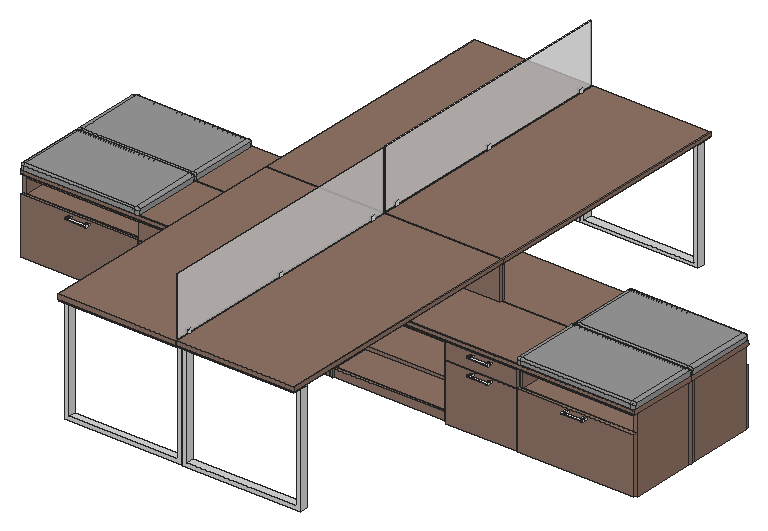
Revit family "JSI-Vision-Typical_Veneer-VST108-", category Furniture, Revit 2020
Family settings
  OmniClass Number = 23.40.20.00
  OmniClass Title = General Furniture and Specialties
  Work Plane-Based = No
  Always vertical = Yes
  Cut with Voids When Loaded = No
  Shared = No
  Room Calculation Point = No
Parameters (values of type "VST108")
  URL = "www.jsifurniture.com"
  Type Comments = "Typical Laminate"  # constant formula
  Model = "VST108"
  Manufacturer = "JSI"  # constant formula
  Keynote = "12500"
  Default Elevation = 0"
  Assembly Code = "E2020200"
Reference planes (in)
  plane 1 "Center Front/Back": y = 0
  plane 2: z = 0
  plane 3 "Center Left/Right": x = 0
Dimensions and locks (in)
  aligned and locked: level to plane 2
Nested families (in)
  nested 1: "JSI-Vision-Privacy_Screen_Rectangle" at (-0.4038, 0, -0.4589) x (0, 1, 0) z (0, 0, 1), type "VSB1566ASR, Prvcy Scrn Rec 15"H, 66"W"
    with Width 66"
  nested 2: "JSI-Vision-Rectangle_Desk_Top" at (0, 0, -1.6464) x (0, -1, 0) z (0, 0, 1), type "VSV3066MCT, Veneer Rectangular Desk Top, 30" x 66""
    with Width 66"
  nested 3: "JSI-Vision-Box_File_Modular_Bench_Pedestal" at (30, 0, 0), type "VSVB1818MBF - Veneer BF Modular Bench H Ped"
    with Height 18.744"
  nested 4: "JSI-Vision-Open_Shelf_File_Modular_Bench_Pedestal" at (47.9996, 0, 0), type "VSVB1830MOF, Veneer OF Modular Bench H Ped"
    with Width 30", Height 18.744"
  nested 5: "JSI-Vision-Open_Shelf_Modular_Bench_Pedestal" at (0, 0, 0), type "VSVB1830MOS, Veneer OS Modular Bench H Ped"
    with Width 30", Height 18.744"
  nested 6: "JSI-Vision-Bench_Height_Modular_Top" at (-78, 0, -0.6469), type "VSVB1878MT, Veneer Mod Bench H Top, 18" x 78""
    with Width 78", Depth 18"
  nested 7: "JSI-Vision-Open_Shelf_Modular_Bench_Pedestal" at (0, 0, 0) x (-1, 0, 0) z (0, 0, 1), type "VSVB1830MOS, Veneer OS Modular Bench H Ped"
    with Width 30", Height 18.744"
  nested 8: "JSI-Vision-Box_File_Modular_Bench_Pedestal" at (-30, 0, 0) x (-1, 0, 0) z (0, 0, 1), type "VSVB1818MBF - Veneer BF Modular Bench H Ped"
    with Height 18.744"
  nested 9: "JSI-Vision-Open_Shelf_File_Modular_Bench_Pedestal" at (-47.9996, 0, 0) x (-1, 0, 0) z (0, 0, 1), type "VSVB1830MOF, Veneer OF Modular Bench H Ped"
    with Width 30", Height 18.744"
  nested 10: "JSI-Vision-Box_File_Modular_Bench_Pedestal" at (30, 0, 0), type "VSVB1818MBF - Veneer BF Modular Bench H Ped"
    with Height 18.744"
  nested 11: "JSI-Vision-Open_Shelf_File_Modular_Bench_Pedestal" at (47.9996, 0, 0), type "VSVB1830MOF, Veneer OF Modular Bench H Ped"
    with Width 30", Height 18.744"
  nested 12: "JSI-Vision-Open_Shelf_Modular_Bench_Pedestal" at (0, 0, 0), type "VSVB1830MOS, Veneer OS Modular Bench H Ped"
    with Width 30", Height 18.744"
  nested 13: "JSI-Vision-Open_Shelf_Modular_Bench_Pedestal" at (0, 0, 0) x (-1, 0, 0) z (0, 0, 1), type "VSVB1830MOS, Veneer OS Modular Bench H Ped"
    with Width 30", Height 18.744"
  nested 14: "JSI-Vision-Box_File_Modular_Bench_Pedestal" at (-30, 0, 0) x (-1, 0, 0) z (0, 0, 1), type "VSVB1818MBF - Veneer BF Modular Bench H Ped"
    with Height 18.744"
  nested 15: "JSI-Vision-Open_Shelf_File_Modular_Bench_Pedestal" at (-47.9996, 0, 0) x (-1, 0, 0) z (0, 0, 1), type "VSVB1830MOF, Veneer OF Modular Bench H Ped"
    with Width 30", Height 18.744"
  nested 16: "JSI-Vision-Bench_Height_Cushion" at (-78, -18, 0.5406), type "VSB1830CUSH, 18d Bench H Cushion, 30 W"
    with Width 30", Depth 18"
  nested 17: "JSI-Vision-Bench_Height_Modular_Top" at (-78, 0, -0.6469), type "VSVB1878MT, Veneer Mod Bench H Top, 18" x 78""
    with Width 78", Depth 18"
  nested 18: "JSI-Vision-Bench_Height_Modular_Top" at (78, 0, -0.6469) x (-1, 0, 0) z (0, 0, 1), type "VSVB1878MT, Veneer Mod Bench H Top, 18" x 78""
    with Width 78", Depth 18"
  nested 19: "JSI-Vision-Bench_Height_Modular_Top" at (78, 0, -0.6469) x (-1, 0, 0) z (0, 0, 1), type "VSVB1878MT, Veneer Mod Bench H Top, 18" x 78""
    with Width 78", Depth 18"
  nested 20: "JSI-Vision-Bench_Height_Cushion" at (-78, 18, 0.5406), type "VSB1830CUSH, 18d Bench H Cushion, 30 W"
    with Width 30", Depth 18"
  nested 21: "JSI-Vision-Bench_Height_Cushion" at (78, -18, 0.5406) x (-1, 0, 0) z (0, 0, 1), type "VSB1830CUSH, 18d Bench H Cushion, 30 W"
    with Width 30", Depth 18"
  nested 22: "JSI-Vision-Bench_Height_Cushion" at (78, 18, 0.5406) x (-1, 0, 0) z (0, 0, 1), type "VSB1830CUSH, 18d Bench H Cushion, 30 W"
    with Width 30", Depth 18"
  nested 23: "JSI-Vision-Rectangle_Desk_Top" at (0, 0, -1.6464) x (0, -1, 0) z (0, 0, 1), type "VSV3066MCT, Veneer Rectangular Desk Top, 30" x 66""
    with Width 66"
  nested 24: "JSI-Vision-Rectangle_Desk_Top" at (0, 0, -1.6464) x (0, 1, 0) z (0, 0, 1), type "VSV3066MCT, Veneer Rectangular Desk Top, 30" x 66""
    with Width 66"
  nested 25: "JSI-Vision-Rectangle_Desk_Top" at (0, 0, -1.6464) x (0, 1, 0) z (0, 0, 1), type "VSV3066MCT, Veneer Rectangular Desk Top, 30" x 66""
    with Width 66"
  nested 26: "JSI-Vision-Bench_Height_T_Sup" at (6.2517, -10.75, 20.0406), type "VSVB1030TSP - Bench Height T Supports 29 5/8"W x 9 3/4"D x 8 1/2"H"
    with Width 29 5/8", Height 8 1/2"
  nested 27: "JSI-Vision-Bench_Height_T_Sup" at (-6.2517, -10.75, 20.0406) x (-1, 0, 0) z (0, 0, 1), type "VSVB1030TSP - Bench Height T Supports 29 5/8"W x 9 3/4"D x 8 1/2"H"
    with Width 29 5/8", Height 8 1/2"
  nested 28: "JSI-Vision-Bench_Height_T_Sup" at (6.2517, 10.75, 20.0406), type "VSVB1030TSP - Bench Height T Supports 29 5/8"W x 9 3/4"D x 8 1/2"H"
    with Width 29 5/8", Height 8 1/2"
  nested 29: "JSI-Vision-Bench_Height_T_Sup" at (-6.2517, 10.75, 20.0406) x (-1, 0, 0) z (0, 0, 1), type "VSVB1030TSP - Bench Height T Supports 29 5/8"W x 9 3/4"D x 8 1/2"H"
    with Width 29 5/8", Height 8 1/2"
  nested 30: "JSI-Vision-Privacy_Screen_Rectangle" at (-0.4038, 0, -0.4589) x (0, -1, 0) z (0, 0, 1), type "VSB1566ASR, Prvcy Scrn Rec 15"H, 66"W"
    with Width 66"
  nested 31: "JSI-Vision-Metal_Rectangular_Base" at (-29.90625, -63, 0) x (0, 1, 0) z (0, 0, 1), type "VSB3028FSQ, Metal Rectangular Base for Peninsula 28 5/16"H"
  nested 32: "JSI-Vision-Metal_Rectangular_Base" at (29.90625, -63, 0) x (0, 1, 0) z (0, 0, 1), type "VSB3028FSQ, Metal Rectangular Base for Peninsula 28 5/16"H"
  nested 33: "JSI-Vision-Metal_Rectangular_Base" at (-29.90625, 63, 0) x (0, -1, 0) z (0, 0, 1), type "VSB3028FSQ, Metal Rectangular Base for Peninsula 28 5/16"H"
  nested 34: "JSI-Vision-Metal_Rectangular_Base" at (29.90625, 63, 0) x (0, -1, 0) z (0, 0, 1), type "VSB3028FSQ, Metal Rectangular Base for Peninsula 28 5/16"H"
  nested 35: "JSI-Vision-Support_Rail_Work_Surface" at (-16, -56.75, 0.54138) x (0, 1, 0) z (0, 0, 1), type "GP0243SB, Metal Support Rail for Work Surface  2W 43 L 3/4H"
  nested 36: "JSI-Vision-Support_Rail_Work_Surface" at (16, -56.75, 0.54138) x (0, 1, 0) z (0, 0, 1), type "GP0243SB, Metal Support Rail for Work Surface  2W 43 L 3/4H"
  nested 37: "JSI-Vision-Support_Rail_Work_Surface" at (-16, 56.75, 0.54138) x (0, -1, 0) z (0, 0, 1), type "GP0243SB, Metal Support Rail for Work Surface  2W 43 L 3/4H"
  nested 38: "JSI-Vision-Support_Rail_Work_Surface" at (16, 56.75, 0.54138) x (0, -1, 0) z (0, 0, 1), type "GP0243SB, Metal Support Rail for Work Surface  2W 43 L 3/4H"
Definition of nested family "JSI-Vision-Privacy_Screen_Rectangle"
  Parameters (values of type "VS1572ASR, Privacy Screen")
    Width = 72"
    URL = "www.jsifurniture.com"
    Type Comments = ""
    Series = "Vision Casegoods"  # constant formula
    Model = "VS1572ASR"
    Material = ""
    Manufacturer = "JSI"  # constant formula
    Keynote = "12500"  # constant formula
    JSI Enviromental Website = "http://www.jsifurniture.com/jsi_sustainability_intro.php"
    Floor Offset = 30"
    Height = 15"
    Description = "Privacy Screen, 72\" W"
    Depth = 1/4"
    Modesty Panel = none
    Default Elevation = 0"
    Brackets = none
    Assembly Code = "E2020200"
  Reference planes (in)
    plane 1 "Center Front/Back": y = 0
    plane 2: z = 0
    plane 3 "Center Left/Right": x = 0
    plane 4: z = 0
    plane 5: z = 30
    plane 6: x = 72
    plane 7: z = 45
    plane 8: x = 0.375
    plane 9: x = 71.625
    plane 10: x = 3.865
    plane 11: x = 36
    plane 12: y = -0.2788
    plane 13: y = -0.5288
    plane 14: x = 3.375
    plane 15: x = 4.355
    plane 16: x = 35.51
    plane 17: x = 36.49
    plane 18: x = 68.135
    plane 19: x = 68.625
    plane 20: x = 67.645
    plane 21: z = 30.11
    plane 22: y = -0.18258
    plane 23: y = -0.62502
  Forms (in)
    Extrusion 1, solid, material <- "Modesty Panel"
      sketch origin (-3.54233, -3.25, 16.1875) x (1, 0, 0) y (0, 0, 1)
        loop
          line (3.91733, 28.8125) -> (3.91733, 13.9225) -> (75.16733, 13.9225) -> (75.16733, 28.8125) -> (3.91733, 28.8125)
      from -2.9712 to -2.7212
    Extrusion 2, solid, material <- "Brackets"
      sketch origin (0, 0, 0) x (0, 1, 0) y (0, 0, 1)
        loop
          line (-0.5288, 31.06) -> (-0.62502, 31.06) -> (-0.62502, 30) -> (-0.18258, 30) -> (-0.18258, 31.06) -> (-0.2788, 31.06) -> (-0.2788, 30.11) -> (-0.5288, 30.11) -> (-0.5288, 31.06)
      from 3.375 to 4.355
    Extrusion 3, solid, material <- "Brackets"
      sketch origin (36, 7.87498, 48) x (0, -1, 0) y (0, 0, 1)
        loop
          line (8.40378, -16.94) -> (8.40378, -17.89) -> (8.15378, -17.89) -> (8.15378, -16.94) -> (8.05756, -16.94) -> (8.05756, -18) -> (8.5, -18) -> (8.5, -16.94) -> (8.40378, -16.94)
      from -0.49 to 0.49
    Extrusion 4, solid, material <- "Brackets"
      sketch origin (72, 0, 0) x (0, 1, 0) y (0, 0, -1)
        loop
          line (-0.5288, -31.06) -> (-0.5288, -30.11) -> (-0.2788, -30.11) -> (-0.2788, -31.06) -> (-0.18258, -31.06) -> (-0.18258, -30) -> (-0.62502, -30) -> (-0.62502, -31.06) -> (-0.5288, -31.06)
      from 3.375 to 4.355
  Lines and regions (in)
    symbolic lines
      curve 1: line (0.375, -0.5288, 0) -> (71.625, -0.5288, 0)
      curve 2: line (71.625, -0.2788, 0) -> (0.375, -0.2788, 0)
      curve 3: line (0.375, -0.2788, 0) -> (0.375, -0.5288, 0)
      curve 4: line (71.625, -0.5288, 0) -> (71.625, -0.2788, 0)
      curve 5: line (67.645, -0.2788, 0) -> (67.645, -0.18258, 0)
      curve 6: line (67.645, -0.18258, 0) -> (68.625, -0.18258, 0)
      curve 7: line (68.625, -0.18258, 0) -> (68.625, -0.2788, 0)
      curve 8: line (67.645, -0.5288, 0) -> (67.645, -0.62502, 0)
      curve 9: line (67.645, -0.62502, 0) -> (68.625, -0.62502, 0)
      curve 10: line (68.625, -0.62502, 0) -> (68.625, -0.5288, 0)
      curve 11: line (35.51, -0.5288, 0) -> (35.51, -0.62502, 0)
      curve 12: line (35.51, -0.62502, 0) -> (36.49, -0.62502, 0)
      curve 13: line (36.49, -0.62502, 0) -> (36.49, -0.5288, 0)
      curve 14: line (36.49, -0.2788, 0) -> (36.49, -0.18258, 0)
      curve 15: line (36.49, -0.18258, 0) -> (35.51, -0.18258, 0)
      curve 16: line (35.51, -0.18258, 0) -> (35.51, -0.2788, 0)
      curve 17: line (3.375, -0.5288, 0) -> (3.375, -0.62502, 0)
      curve 18: line (3.375, -0.62502, 0) -> (4.355, -0.62502, 0)
      curve 19: line (4.355, -0.62502, 0) -> (4.355, -0.5288, 0)
      curve 20: line (4.355, -0.2788, 0) -> (4.355, -0.18258, 0)
      curve 21: line (4.355, -0.18258, 0) -> (3.375, -0.18258, 0)
      curve 22: line (3.375, -0.18258, 0) -> (3.375, -0.2788, 0)
  Dimensions and locks (in)
    "Floor Offset": plane 5 to plane 4
    "Width": plane 3 "Center Left/Right" to plane 6
    plane 3 "Center Left/Right" to Extrusion 1 = 71 5/8"
    "Height": plane 7 to plane 5
    "Depth": plane 13 to plane 12
    locked: plane 12 to plane 1 "Center Front/Back" at 0.2788
    plane 3 "Center Left/Right" to plane 8 to plane 10 = 3/8" locked, 3.49" locked
    equal spacing: plane 3 "Center Left/Right", plane 11, plane 6
    equal spacing: plane 14, plane 10, plane 15
    locked: plane 14 to plane 15 at 0.98
    equal spacing: plane 16, plane 11, plane 17
    locked: plane 16 to plane 17 at 0.98
    equal spacing: plane 19, plane 18, plane 20
    locked: plane 19 to plane 20 at 0.98
    plane 18 to plane 9 to plane 6 = 3.49" locked, 3/8" locked
    locked: plane 21 to plane 5 at 0.11
    aligned and locked: level to plane 2
    aligned and locked: curve 4 to Extrusion 1
    aligned and locked: curve 2 to Extrusion 1
    aligned and locked: plane 8 to Extrusion 1
    aligned and locked: Extrusion 1 to plane 12
    aligned and locked: curve 1 to Extrusion 1
    aligned and locked: Extrusion 1 to plane 9
    aligned and locked: Extrusion 2 sketch curve to Extrusion 2 sketch curve
    aligned and locked: Extrusion 1 to Extrusion 2
    aligned and locked: Extrusion 3 sketch curve to Extrusion 3 sketch curve
    aligned and locked: plane 16 to Extrusion 3
    aligned and locked: Extrusion 3 to plane 17
    aligned and locked: plane 14 to Extrusion 2
    aligned and locked: Extrusion 2 to plane 15
    aligned and locked: Extrusion 4 sketch curve to Extrusion 4 sketch curve
    aligned and locked: Extrusion 4 to plane 19
    aligned and locked: plane 20 to Extrusion 4
    aligned and locked: Extrusion 2 sketch curve to plane 12
    aligned and locked: Extrusion 2 sketch curve to plane 13
    aligned and locked: plane 22 to Extrusion 2 sketch curve
    aligned and locked: plane 23 to Extrusion 2 sketch curve
    aligned and locked: Extrusion 2 sketch curve to plane 21
    aligned and locked: plane 5 to Extrusion 2 sketch curve
    aligned and locked: plane 7 to Extrusion 1
    aligned and locked: plane 12 to Extrusion 1
    aligned and locked: plane 13 to Extrusion 1
    aligned and locked: Extrusion 1 to plane 21
    aligned and locked: Extrusion 2 to plane 5  (x7)
    aligned and locked: Extrusion 2 to plane 23
    aligned and locked: plane 22 to Extrusion 2
    aligned and locked: plane 12 to Extrusion 2
    aligned and locked: Extrusion 2 to plane 13
    aligned and locked: plane 21 to Extrusion 2
    aligned and locked: Extrusion 3 to plane 5
    aligned and locked: Extrusion 4 to plane 5
    aligned and locked: Extrusion 3 to Extrusion 2
  Automatic sketch dimensions
    plane 8 to Extrusion 1 sketch curve = 0"
    plane 9 to Extrusion 1 sketch curve = 0"
    Extrusion 1 sketch curve to plane 7 = 0"
    plane 5 to Extrusion 1 sketch curve = 0.11"
    Extrusion 2 sketch curve to Extrusion 2 sketch curve = 0.95"
    Extrusion 3 sketch curve to plane 5 = 0"
    Extrusion 3 sketch curve to plane 12 = 0"
    Extrusion 3 sketch curve to plane 13 = 0"
    Extrusion 3 sketch curve to plane 12 = 0.09622"
    plane 13 to Extrusion 3 sketch curve = 0.09622"
    plane 5 to Extrusion 3 sketch curve = 0.11"
    Extrusion 3 sketch curve to Extrusion 3 sketch curve = 0.95"
    Extrusion 4 sketch curve to plane 5 = 0"
    Extrusion 4 sketch curve to plane 13 = 0"
    Extrusion 4 sketch curve to plane 12 = 0"
    plane 13 to Extrusion 4 sketch curve = 0.09622"
    Extrusion 4 sketch curve to plane 12 = 0.09622"
    plane 5 to Extrusion 4 sketch curve = 0.11"
    Extrusion 4 sketch curve to Extrusion 4 sketch curve = 0.95"
    curve 3 to plane 8 = 0"
    curve 22 to plane 14 = 0"
    curve 18 to plane 14 = 0"
    curve 21 to plane 15 = 0"
    curve 19 to plane 15 = 0"
    curve 12 to plane 16 = 0"
    curve 16 to plane 16 = 0"
    curve 15 to plane 17 = 0"
    curve 12 to plane 17 = 0"
    curve 5 to plane 20 = 0"
    curve 8 to plane 20 = 0"
    curve 6 to plane 19 = 0"
    curve 9 to plane 19 = 0"
    curve 12 to plane 23 = 0"
    curve 10 to plane 23 = 0"
    curve 19 to plane 23 = 0"
    curve 5 to plane 22 = 0"
    curve 15 to plane 22 = 0"
    curve 22 to plane 22 = 0"
Definition of nested family "JSI-Vision-Rectangle_Desk_Top"
  Parameters (values of type "Type Catalog")
    Worksurface = none
    Width = 42"
    URL = "www.jsifurniture.com"
    Type Comments = ""
    Series = "Vision Casegoods"  # constant formula
    Model = "Type Catalog"
    Material = ""
    Manufacturer = "JSI"  # constant formula
    Keynote = "12500"
    JSI Enviromental Website = "http://www.jsifurniture.com/jsi_sustainability_intro.php"
    Height = 30"
    Description = "Type Catalog"
    Depth = 30"
    Default Elevation = 0"
    Assembly Code = "E2020200"
  Reference planes (in)
    plane 1 "Center Front/Back": y = 0
    plane 2: z = 0
    plane 3 "Center Left/Right": x = 0
    plane 4: z = 0
    plane 5: x = 42
    plane 6: y = -30
    plane 7: z = 31.1875
    plane 8: z = 30
  Forms (in)
    Extrusion 1, solid, material <- "Worksurface"
      sketch origin (0, 0, 28) x (0, 1, 0) y (0, 0, 1)
        loop
          line (-29.88189, 2) -> (0, 2) -> (0, 3.1875) -> (-29.88189, 3.1875)
          arc (-29.88189, 3.1875) -> (-29.96541, 3.15291) -> (-30, 3.06939) r 0.11811
          line (-30, 3.06939) -> (-30, 2.11811)
          arc (-30, 2.11811) -> (-29.96541, 2.03459) -> (-29.88189, 2) r 0.11811
      from 0 to 42
  Lines and regions (in)
    symbolic lines
      curve 1: line (0, 0, 0) -> (42, 0, 0)
      curve 2: line (0, -30, 0) -> (0, 0, 0)
      curve 3: line (42, -30, 0) -> (0, -30, 0)
      curve 4: line (42, 0, 0) -> (42, -30, 0)
  Dimensions and locks (in)
    "Depth": plane 6 to plane 1 "Center Front/Back"
    "Width": plane 5 to plane 3 "Center Left/Right"
    locked: plane 7 to plane 8 at 1.1875
    "Height": plane 8 to level
    aligned and locked: level to plane 2
    aligned and locked: plane 5 to Extrusion 1
    aligned and locked: curve 1 to Extrusion 1
    aligned and locked: curve 2 to Extrusion 1
    aligned and locked: plane 6 to curve 3
    aligned and locked: curve 4 to plane 5
    aligned and locked: Extrusion 1 to plane 8
    aligned and locked: Extrusion 1 to plane 7
  Automatic sketch dimensions
    Extrusion 1 sketch curve to plane 6 = 0"
    level to Extrusion 1 sketch curve = 30"
    Extrusion 1 sketch curve to plane 7 = 0"
    Extrusion 1 sketch curve to plane 1 "Center Front/Back" = 0"
    Extrusion 1 sketch curve to Extrusion 1 sketch curve = 0.11811"
    plane 6 to Extrusion 1 sketch curve = 0.11811"
Definition of nested family "JSI-Vision-Box_File_Modular_Bench_Pedestal"
  Parameters (values of type "Type Catalog")
    Width = 18"
    URL = "www.jsifurniture.com"
    Top = none
    Tag = "BF"
    Series = "Vision Casegoods"  # constant formula
    Pull Finish = none
    Model = "Type Catalog"
    Manufacturer = "JSI"  # constant formula
    Keynote = "12500"
    JSI Enviromental Website = "http://www.jsifurniture.com/jsi_sustainability_intro.php"
    Height = 18 3/4"
    Description = "Type Catalog"
    Depth = 18"
    Default Elevation = 0"
    Chassis = none
    Drawer Front = none
    Assembly Code = "E2020200"
  Reference planes (in)
    plane 1 "Center Front/Back": y = 0
    plane 2: z = 0
    plane 3 "Center Left/Right": x = 0
    plane 4: x = 18
    plane 5: y = -17.12
    plane 6: y = -17.25
    plane 7: x = 0.0625
    plane 8: x = 17.9375
    plane 9: y = -18
    plane 10: z = 0.14
    plane 11: z = 14.3909
    plane 12: z = 14.5159
    plane 13: x = 0.75
    plane 14: x = 17.25
    plane 15: y = -0.75
    plane 16: y = -16.37913
    plane 17: x = 9
    plane 18: z = 18.75
    plane 19: z = 18.6409
    plane 20: z = 18
  Forms (in)
    Extrusion 1, solid, material <- "Chassis"
      sketch origin (0.125, -0.1875, 48) x (0, 1, 0) y (0, 0, 1)
        loop
          line (-0.5625, -29.25) -> (-16.9325, -29.25) -> (-16.9325, -48) -> (-0.5625, -48) -> (-0.5625, -29.25)
      from -0.125 to 0.625
    Extrusion 2, solid, material <- "Chassis"
      sketch origin (29.875, -0.1875, 48) x (0, 1, 0) y (0, 0, 1)
        loop
          line (-0.5625, -29.25) -> (-16.9325, -29.25) -> (-16.9325, -48) -> (-0.5625, -48) -> (-0.5625, -29.25)
      from -12.625 to -11.875
    Extrusion 3, solid, material <- "Drawer Front"
      sketch origin (0, 0, 0) x (1, 0, 0) y (0, 0, 1)
        loop
          line (0.0625, 18.6409) -> (0.0625, 14.5159) -> (17.9375, 14.5159) -> (17.9375, 18.6409) -> (0.0625, 18.6409)
        loop
          line (0.0625, 14.3909) -> (0.0625, 0.14) -> (17.9375, 0.14) -> (17.9375, 14.3909) -> (0.0625, 14.3909)
      from 17.25 to 18
    Extrusion 4, solid, material <- "Chassis"
      sketch origin (0, 0, 0) x (1, 0, 0) y (0, 1, 0)
        loop
          line (0.75, -16.37913) -> (0.75, -17.12) -> (17.25, -17.12) -> (17.25, -16.37913) -> (0.75, -16.37913)
      from 0 to 1.9375
    Extrusion 5, solid, material <- "Top"
      sketch origin (0, 0, 0) x (0, 1, 0) y (0, 0, 1)
        loop
          line (-1.5, 18.75) -> (-17.12, 18.75) -> (-17.12, 18) -> (-1.5, 18) -> (-1.5, 18.75)
      from 0.75 to 17.25
    Extrusion 6, solid, material <- "Chassis"
      sketch origin (0, 0, 0) x (0, 1, 0) y (0, 0, 1)
        loop
          line (-1.5, 13.75) -> (-0.75, 13.75) -> (-0.75, 18.75) -> (-1.5, 18.75) -> (-1.5, 13.75)
        loop
          line (-1.5, 0) -> (-0.75, 0) -> (-0.75, 5) -> (-1.5, 5) -> (-1.5, 0)
      from 0.75 to 17.25
  Lines and regions (in)
    symbolic lines
      curve 1: line (0, 0, 0) -> (18, 0, 0)
      curve 2: line (0, -17.12, 0) -> (0, 0, 0)
      curve 3: line (18, -17.12, 0) -> (0, -17.12, 0)
      curve 4: line (18, 0, 0) -> (18, -17.12, 0)
      curve 5: line (0.0625, -17.25, 0) -> (17.9375, -17.25, 0)
      curve 6: line (0.0625, -18, 0) -> (0.0625, -17.25, 0)
      curve 7: line (17.9375, -18, 0) -> (0.0625, -18, 0)
      curve 8: line (17.9375, -17.25, 0) -> (17.9375, -18, 0)
  Dimensions and locks (in)
    plane 16 to plane 5 to plane 6 to plane 9 = 0.74087" locked, 0.13" locked, 3/4" locked
    "Depth": plane 1 "Center Front/Back" to plane 9
    locked: plane 19 to plane 18 at 0.1091
    "Width": plane 3 "Center Left/Right" to plane 4
    equal spacing: plane 3 "Center Left/Right", plane 17, plane 4
    plane 1 "Center Front/Back" to plane 15 = 3/4"
    "Height": plane 18 to level
    locked: plane 18 to plane 20 at 0.75
    locked: plane 12 to plane 11 at 0.125
    plane 19 to plane 12 to plane 10 to plane 2 = 4 1/8" locked, 14.3759" locked, 0.14" locked
    plane 3 "Center Left/Right" to plane 7 to plane 13 = 1/16" locked, 11/16" locked
    plane 14 to plane 8 to plane 4 = 11/16" locked, 1/16" locked
    locked: Extrusion 6 sketch curve to plane 2 at 5
    locked: Extrusion 6 sketch curve to plane 18 at 5
    locked: plane 15 to Extrusion 6 sketch curve at 0.75
    locked: Extrusion 3 to nested 2 at 0.75
    locked: Extrusion 3 to nested 1 at 0.75
    aligned and locked: level to plane 2
    aligned and locked: plane 15 to Extrusion 1 sketch curve
    aligned and locked: Extrusion 1 sketch curve to plane 5
    aligned and locked: Extrusion 1 sketch curve to level
    aligned and locked: plane 13 to Extrusion 1
    aligned and locked: Extrusion 2 sketch curve to plane 15
    aligned and locked: level to Extrusion 2 sketch curve
    aligned and locked: plane 5 to Extrusion 2 sketch curve
    aligned and locked: Extrusion 3 sketch curve to plane 7  (x2)
    aligned and locked: plane 8 to Extrusion 3 sketch curve  (x2)
    aligned and locked: plane 12 to Extrusion 3 sketch curve
    aligned and locked: Extrusion 3 sketch curve to plane 11
    aligned and locked: plane 10 to Extrusion 3 sketch curve
    aligned and locked: Extrusion 3 to plane 9
    aligned and locked: plane 6 to Extrusion 3
    aligned and locked: Extrusion 4 sketch curve to plane 16
    aligned and locked: plane 13 to Extrusion 4 sketch curve
    aligned and locked: nested 1 to plane 9
    aligned and locked: nested 2 to plane 9
    aligned and locked: nested 2 to plane 17
    aligned and locked: nested 1 to plane 17
    aligned and locked: plane 17 to nested 3
    aligned and locked: nested 3 to plane 9
    aligned and locked: plane 18 to Extrusion 2
    aligned and locked: plane 18 to Extrusion 1
    aligned and locked: plane 19 to Extrusion 3 sketch curve
    aligned and locked: Extrusion 1 to plane 3 "Center Left/Right"
    aligned and locked: plane 3 "Center Left/Right" to curve 2
    aligned and locked: plane 1 "Center Front/Back" to curve 1
    aligned and locked: plane 4 to Extrusion 2
    aligned and locked: curve 4 to plane 4
    aligned and locked: Extrusion 5 sketch curve to plane 18
    aligned and locked: Extrusion 2 to plane 14
    aligned and locked: Extrusion 5 to plane 5
    aligned and locked: plane 14 to Extrusion 5
    aligned and locked: Extrusion 6 sketch curve to Extrusion 6 sketch curve  (x2)
    aligned and locked: plane 15 to Extrusion 6 sketch curve
    aligned and locked: plane 18 to Extrusion 6 sketch curve
    aligned and locked: Extrusion 6 sketch curve to plane 2
    aligned and locked: Extrusion 6 to Extrusion 5 sketch curve
    aligned and locked: Extrusion 6 to plane 13
    aligned and locked: plane 14 to Extrusion 6
  Automatic sketch dimensions
    Extrusion 4 sketch curve to plane 5 = 0"
    Extrusion 4 sketch curve to plane 14 = 0"
    curve 6 to plane 6 = 0"
    curve 6 to plane 7 = 0"
    curve 5 to plane 8 = 0"
    curve 6 to plane 9 = 0"
    curve 2 to plane 5 = 0"
    Extrusion 1 sketch curve to plane 18 = 0"
    Extrusion 2 sketch curve to plane 18 = 0"
    Extrusion 5 sketch curve to Extrusion 5 sketch curve = 3/4"
    plane 9 to Extrusion 5 sketch curve = 0.88"
  Nested families (in)
    nested 1: "Bar Pull" at (9, -18, 13.6409), Pull Finish <- "Pull Finish", type "PL"
      with Pull Finish none
    nested 2: "Bar Pull" at (9, -18, 17.8909), Pull Finish <- "Pull Finish", type "PL"
      with Pull Finish none
    nested 3: "Label 1-16" at (9, -18, 0), type "DRWCFG"
  Definition of nested family "Bar Pull"
    Parameters
      Pull Finish [instance] = none
      Default Elevation = 0"
    Reference planes (in)
      plane 1 "Center Front/Back": y = 0
      plane 2: z = 0
      plane 3 "Center Left/Right": x = 0
      plane 4: x = -2.68731
      plane 5: x = -1.88731
      plane 6: x = 2.68731
      plane 7: x = 1.88731
      plane 8: y = -1
      plane 9: y = -0.85202
    Forms (in)
      Extrusion 1, solid, material <- "Pull Finish"
        sketch origin (0, 0, 0) x (0, 1, 0) y (0, 0, 1)
          loop
            line (0, -0.2015) -> (0, 0.2015) -> (-0.85202, 0.2015)
            arc (-0.85202, 0.2015) -> (-0.75, 0) -> (-0.85202, -0.2015) r 0.25
            line (-0.85202, -0.2015) -> (0, -0.2015)
        from 1.88731 to 2.68731
      Extrusion 2, solid, material <- "Pull Finish"
        sketch origin (0, 0, 0) x (0, 1, 0) y (0, 0, 1)
          loop
            circle (-1, 0) r 0.25
        from -2.68731 to 2.68731
      Extrusion 3, solid, material <- "Pull Finish"
        sketch origin (0, 0, 0) x (0, 1, 0) y (0, 0, -1)
          loop
            line (0, 0.2015) -> (-0.85202, 0.2015)
            arc (-0.85202, 0.2015) -> (-0.75, 0) -> (-0.85202, -0.2015) r 0.25
            line (-0.85202, -0.2015) -> (0, -0.2015) -> (0, 0.2015)
        from 1.88731 to 2.68731
    Dimensions and locks (in)
      plane 4 to plane 5 to plane 3 "Center Left/Right" to plane 7 to plane 6 = 0.8" locked, 1.88731" locked, 1.88731" locked, 0.8" locked
      plane 8 to plane 9 to plane 1 "Center Front/Back" = 0.14798" locked, 0.85202" locked
      aligned and locked: level to plane 2
      aligned and locked: plane 4 to Extrusion 3
      aligned and locked: Extrusion 3 to plane 5
      aligned and locked: plane 4 to Extrusion 2
      aligned and locked: Extrusion 1 to plane 7
      aligned and locked: plane 6 to Extrusion 1
      aligned and locked: plane 6 to Extrusion 2
      aligned and locked: plane 8 to Extrusion 2 sketch curve
      aligned and locked: Extrusion 3 to plane 1 "Center Front/Back"
      aligned and locked: Extrusion 1 to plane 1 "Center Front/Back"
      aligned and locked: plane 5 to Extrusion 3
      aligned and locked: Extrusion 3 to plane 4
      aligned and locked: Extrusion 2 to plane 4
      aligned and locked: plane 7 to Extrusion 1
      aligned and locked: Extrusion 1 to plane 6
      aligned and locked: Extrusion 2 to plane 6
  Definition of nested family "Label 1-16"
    Parameters
      Width = 1"
      Model Name = "FF"
    Reference planes (in)
      plane 1: y = 0
      plane 2: x = 0
    Text (in)
      label "XX" at (0.00051, -0.12324, 0), shows "Model Name"
Definition of nested family "JSI-Vision-Open_Shelf_File_Modular_Bench_Pedestal"
  Parameters (values of type "Type Catalog")
    Width = 18"
    URL = "www.jsifurniture.com"
    Top = none
    Tag = "OF"
    Series = "Vision Casegoods"  # constant formula
    Pull Finish = none
    Model = "Type Catalog"
    Manufacturer = "JSI"  # constant formula
    Keynote = "12500"
    JSI Enviromental Website = "http://www.jsifurniture.com/jsi_sustainability_intro.php"
    Height = 18 3/4"
    Description = "Type Catalog"
    Depth = 18"
    Default Elevation = 0"
    Chassis = none
    Drawer Front = none
    Assembly Code = "E2020200"
  Reference planes (in)
    plane 1 "Center Front/Back": y = 0
    plane 2: z = 0
    plane 3 "Center Left/Right": x = 0
    plane 4: x = 18
    plane 5: y = -17.12
    plane 6: y = -17.25
    plane 7: x = 0.18716
    plane 8: x = 17.81244
    plane 9: y = -18
    plane 10: z = 1.04032
    plane 11: x = 0.75
    plane 12: x = 17.126
    plane 13: y = -0.8125
    plane 14: y = -16.37913
    plane 15: x = 9
    plane 16: z = 18.8591
    plane 17: z = 18.75
    plane 18: z = 18
  Forms (in)
    Extrusion 1, solid, material <- "Chassis"
      sketch origin (0, 0, 0) x (1, 0, 0) y (0, 1, 0)
        loop
          line (0, 0) -> (0, -0.8125) -> (18, -0.8125) -> (18, 0) -> (0, 0)
      from 0 to 18.8591
    Extrusion 2, solid, material <- "Chassis"
      sketch origin (0.125, -0.1875, 48) x (0, 1, 0) y (0, 0, 1)
        loop
          line (-0.625, -29.1409) -> (-16.9325, -29.1409) -> (-16.9325, -48) -> (-0.625, -48) -> (-0.625, -29.1409)
      from -0.125 to 0.625
    Extrusion 3, solid, material <- "Chassis"
      sketch origin (29.875, -0.1875, 48) x (0, 1, 0) y (0, 0, 1)
        loop
          line (-0.625, -29.1409) -> (-16.9325, -29.1409) -> (-16.9325, -48) -> (-0.625, -48) -> (-0.625, -29.1409)
      from -12.749 to -11.875
    Extrusion 4, solid, material <- "Drawer Front"
      sketch origin (0, 0, 0) x (1, 0, 0) y (0, 0, 1)
        loop
          line (0.18716, 14.41532) -> (0.18716, 0.14) -> (17.81244, 0.14) -> (17.81244, 14.41532) -> (0.18716, 14.41532)
      from 17.25 to 18
    Extrusion 5, solid, material <- "Chassis"
      sketch origin (0, 0, 0) x (1, 0, 0) y (0, 1, 0)
        loop
          line (0.75, -16.37913) -> (0.75, -17.12) -> (17.126, -17.12) -> (17.126, -16.37913) -> (0.75, -16.37913)
      from 0 to 1.9375
    Extrusion 6, solid, material <- "Top"
      sketch origin (0, 0, -6.35035) x (0, 1, 0) y (0, 0, 1)
        loop
          line (-0.8125, 24.35035) -> (-0.8125, 25.20945) -> (-17.12, 25.20945) -> (-17.12, 24.35035) -> (-0.8125, 24.35035)
      from 0.75 to 17.126
    Extrusion 7, solid, material <- "Chassis"
      sketch origin (0, 0, 0) x (0, 1, 0) y (0, 0, 1)
        loop
          line (-17.12, 14.41532) -> (-17.12, 13.66532) -> (-0.8125, 13.66532) -> (-0.8125, 14.41532) -> (-17.12, 14.41532)
      from 0.75 to 17.126
  Lines and regions (in)
    symbolic lines
      curve 1: line (0, 0, 0) -> (18, 0, 0)
      curve 2: line (0, -17.12, 0) -> (0, 0, 0)
      curve 3: line (18, -17.12, 0) -> (0, -17.12, 0)
      curve 4: line (18, 0, 0) -> (18, -17.12, 0)
      curve 5: line (0.18716, -17.25, 0) -> (17.81244, -17.25, 0)
      curve 6: line (0.18716, -18, 0) -> (0.18716, -17.25, 0)
      curve 7: line (17.81244, -18, 0) -> (0.18716, -18, 0)
      curve 8: line (17.81244, -17.25, 0) -> (17.81244, -18, 0)
  Dimensions and locks (in)
    plane 14 to plane 5 to plane 6 to plane 9 = 0.74087" locked, 0.13" locked, 3/4" locked
    "Depth": plane 1 "Center Front/Back" to plane 9
    locked: plane 17 to plane 16 at 0.1091
    plane 12 to plane 8 to plane 4 = 0.68644" locked, 0.18756" locked
    plane 3 "Center Left/Right" to plane 7 to plane 11 = 0.18716" locked, 0.56284" locked
    "Width": plane 3 "Center Left/Right" to plane 4
    equal spacing: plane 3 "Center Left/Right", plane 15, plane 4
    locked: plane 1 "Center Front/Back" to plane 13 at 0.8125
    locked: plane 18 to plane 17 at 0.75
    "Height": level to plane 17
    locked: Extrusion 4 sketch curve to plane 2 at 0.14
    locked: Extrusion 4 to nested 1 at 0.75
    aligned and locked: level to plane 2
    aligned and locked: plane 13 to Extrusion 1 sketch curve
    aligned and locked: plane 13 to Extrusion 2 sketch curve
    aligned and locked: Extrusion 2 sketch curve to plane 5
    aligned and locked: Extrusion 2 sketch curve to level
    aligned and locked: plane 11 to Extrusion 2
    aligned and locked: Extrusion 3 sketch curve to plane 13
    aligned and locked: level to Extrusion 3 sketch curve
    aligned and locked: plane 5 to Extrusion 3 sketch curve
    aligned and locked: Extrusion 4 sketch curve to plane 7
    aligned and locked: plane 8 to Extrusion 4 sketch curve
    aligned and locked: Extrusion 4 to plane 9
    aligned and locked: plane 6 to Extrusion 4
    aligned and locked: Extrusion 5 sketch curve to plane 14
    aligned and locked: plane 11 to Extrusion 5 sketch curve
    aligned and locked: nested 1 to plane 9
    aligned and locked: nested 1 to plane 15
    aligned and locked: plane 15 to nested 2
    aligned and locked: nested 2 to plane 9
    aligned and locked: plane 16 to Extrusion 3
    aligned and locked: plane 16 to Extrusion 2
    aligned and locked: plane 16 to Extrusion 1
    aligned and locked: Extrusion 1 to plane 1 "Center Front/Back"
    aligned and locked: Extrusion 2 to plane 3 "Center Left/Right"
    aligned and locked: plane 3 "Center Left/Right" to curve 2
    aligned and locked: Extrusion 1 to plane 3 "Center Left/Right"
    aligned and locked: plane 1 "Center Front/Back" to curve 1
    aligned and locked: plane 4 to Extrusion 1
    aligned and locked: plane 4 to Extrusion 3
    aligned and locked: curve 4 to plane 4
    aligned and locked: Extrusion 3 to plane 12
    aligned and locked: plane 13 to Extrusion 7 sketch curve
    aligned and locked: Extrusion 7 sketch curve to plane 5
    aligned and locked: Extrusion 7 to plane 11
    aligned and locked: plane 12 to Extrusion 7
    aligned and locked: plane 18 to Extrusion 6
    aligned and locked: plane 13 to Extrusion 6
    aligned and locked: Extrusion 6 to plane 5
    aligned and locked: Extrusion 6 to plane 11
    aligned and locked: plane 12 to Extrusion 6
    aligned and locked: plane 16 to Extrusion 6
  Automatic sketch dimensions
    Extrusion 5 sketch curve to plane 5 = 0"
    Extrusion 5 sketch curve to plane 12 = 0"
    plane 1 "Center Front/Back" to Extrusion 1 sketch curve = 0"
    plane 7 to Extrusion 1 sketch curve = 0.18716"
    curve 6 to plane 6 = 0"
    curve 6 to plane 7 = 0"
    curve 5 to plane 8 = 0"
    curve 6 to plane 9 = 0"
    curve 2 to plane 5 = 0"
    Extrusion 1 sketch curve to plane 8 = 0.18756"
    plane 9 to Extrusion 6 sketch curve = 0.88"
    plane 1 "Center Front/Back" to Extrusion 6 sketch curve = 13/16"
    Extrusion 6 sketch curve to plane 16 = 0.8591"
    Extrusion 2 sketch curve to plane 16 = 0"
    Extrusion 3 sketch curve to plane 16 = 0"
    Extrusion 6 sketch curve to plane 16 = 0"
    plane 18 to Extrusion 4 sketch curve = 3.58468"
    plane 18 to Extrusion 7 sketch curve = 4.33468"
    Extrusion 7 sketch curve to Extrusion 7 sketch curve = 3/4"
  Nested families (in)
    nested 1: "Bar Pull" at (9, -18, 13.66532), Pull Finish <- "Pull Finish", type "PL"
      with Pull Finish none
    nested 2: "Label 1-16" at (9, -18, 0), type "DRWCFG"
  Definition of nested family "Bar Pull"
    Parameters
      Pull Finish [instance] = none
      Default Elevation = 0"
    Reference planes (in)
      plane 1 "Center Front/Back": y = 0
      plane 2: z = 0
      plane 3 "Center Left/Right": x = 0
      plane 4: x = -2.68731
      plane 5: x = -1.88731
      plane 6: x = 2.68731
      plane 7: x = 1.88731
      plane 8: y = -1
      plane 9: y = -0.85202
    Forms (in)
      Extrusion 1, solid, material <- "Pull Finish"
        sketch origin (0, 0, 0) x (0, 1, 0) y (0, 0, 1)
          loop
            line (0, -0.2015) -> (0, 0.2015) -> (-0.85202, 0.2015)
            arc (-0.85202, 0.2015) -> (-0.75, 0) -> (-0.85202, -0.2015) r 0.25
            line (-0.85202, -0.2015) -> (0, -0.2015)
        from 1.88731 to 2.68731
      Extrusion 2, solid, material <- "Pull Finish"
        sketch origin (0, 0, 0) x (0, 1, 0) y (0, 0, 1)
          loop
            circle (-1, 0) r 0.25
        from -2.68731 to 2.68731
      Extrusion 3, solid, material <- "Pull Finish"
        sketch origin (0, 0, 0) x (0, 1, 0) y (0, 0, -1)
          loop
            line (0, 0.2015) -> (-0.85202, 0.2015)
            arc (-0.85202, 0.2015) -> (-0.75, 0) -> (-0.85202, -0.2015) r 0.25
            line (-0.85202, -0.2015) -> (0, -0.2015) -> (0, 0.2015)
        from 1.88731 to 2.68731
    Dimensions and locks (in)
      plane 4 to plane 5 to plane 3 "Center Left/Right" to plane 7 to plane 6 = 0.8" locked, 1.88731" locked, 1.88731" locked, 0.8" locked
      plane 8 to plane 9 to plane 1 "Center Front/Back" = 0.14798" locked, 0.85202" locked
      aligned and locked: level to plane 2
      aligned and locked: plane 4 to Extrusion 3
      aligned and locked: Extrusion 3 to plane 5
      aligned and locked: plane 4 to Extrusion 2
      aligned and locked: Extrusion 1 to plane 7
      aligned and locked: plane 6 to Extrusion 1
      aligned and locked: plane 6 to Extrusion 2
      aligned and locked: plane 8 to Extrusion 2 sketch curve
      aligned and locked: Extrusion 3 to plane 1 "Center Front/Back"
      aligned and locked: Extrusion 1 to plane 1 "Center Front/Back"
      aligned and locked: plane 5 to Extrusion 3
      aligned and locked: Extrusion 3 to plane 4
      aligned and locked: Extrusion 2 to plane 4
      aligned and locked: plane 7 to Extrusion 1
      aligned and locked: Extrusion 1 to plane 6
      aligned and locked: Extrusion 2 to plane 6
  Definition of nested family "Label 1-16"
    Parameters
      Width = 1"
      Model Name = "FF"
    Reference planes (in)
      plane 1: y = 0
      plane 2: x = 0
    Text (in)
      label "XX" at (0.00051, -0.12324, 0), shows "Model Name"
Definition of nested family "JSI-Vision-Open_Shelf_Modular_Bench_Pedestal"
  Parameters (values of type "Type Catalog")
    Width = 18"
    URL = "www.jsifurniture.com"
    Top = none
    Tag = "OS"
    Series = "Vision Casegoods"  # constant formula
    Model = "Type Catalog"
    Manufacturer = "JSI"  # constant formula
    Keynote = "12500"
    JSI Enviromental Website = "http://www.jsifurniture.com/jsi_sustainability_intro.php"
    Height = 18 3/4"
    Description = "Type Catalog"
    Depth = 18"
    Default Elevation = 0"
    Chassis = none
    Assembly Code = "E2020200"
  Reference planes (in)
    plane 1 "Center Front/Back": y = 0
    plane 2: z = 0
    plane 3 "Center Left/Right": x = 0
    plane 4: x = 18
    plane 5: x = 0.18716
    plane 6: x = 17.81244
    plane 7: z = 9.375
    plane 8: x = 0.75
    plane 9: x = 17.126
    plane 10: y = -0.8125
    plane 11: y = -17.25
    plane 12: x = 9
    plane 13: z = 18.8591
    plane 14: z = 18.75
    plane 15: z = 8.625
    plane 16: z = 1.9375
    plane 17: z = 1.1875
    plane 18: y = -17.875
    plane 19: y = -16.25
    plane 20: y = -17
    plane 21: y = -18
    plane 22: z = 18.1091
  Forms (in)
    Extrusion 1, solid, material <- "Chassis"
      sketch origin (0, 0, 0) x (1, 0, 0) y (0, 1, 0)
        loop
          line (0, 0) -> (0, -0.8125) -> (18, -0.8125) -> (18, 0) -> (0, 0)
      from 0 to 18.8591
    Extrusion 2, solid, material <- "Chassis"
      sketch origin (0.125, -0.1875, 48) x (0, 1, 0) y (0, 0, 1)
        loop
          line (-0.625, -29.1409) -> (-17.0625, -29.1409) -> (-17.0625, -48) -> (-0.625, -48) -> (-0.625, -29.1409)
      from -0.125 to 0.625
    Extrusion 3, solid, material <- "Chassis"
      sketch origin (29.875, -0.1875, 48) x (0, 1, 0) y (0, 0, 1)
        loop
          line (-0.625, -29.1409) -> (-17.0625, -29.1409) -> (-17.0625, -48) -> (-0.625, -48) -> (-0.625, -29.1409)
      from -12.749 to -11.875
    Extrusion 4, solid, material <- "Chassis"
      sketch origin (0, 0, 0) x (1, 0, 0) y (0, 1, 0)
        loop
          line (0.75, -16.25) -> (0.75, -17) -> (17.126, -17) -> (17.126, -16.25) -> (0.75, -16.25)
      from 0 to 1.9375
    Extrusion 5, solid, material <- "Chassis"
      sketch origin (0, 0, 0) x (0, 1, 0) y (0, 0, 1)
        loop
          line (-16.25, 9.375) -> (-16.25, 8.625) -> (-0.8125, 8.625) -> (-0.8125, 9.375) -> (-16.25, 9.375)
        loop
          line (-0.8125, 18.1091) -> (-0.8125, 18.8591) -> (-17.25, 18.8591) -> (-17.25, 18.1091) -> (-0.8125, 18.1091)
        loop
          line (-0.8125, 1.1875) -> (-0.8125, 1.9375) -> (-16.25, 1.9375) -> (-16.25, 1.1875) -> (-0.8125, 1.1875)
      from 0.75 to 17.126
  Lines and regions (in)
    symbolic lines
      curve 1: line (0, 0, 0) -> (18, 0, 0)
      curve 2: line (0, -17.875, 0) -> (0, 0, 0)
      curve 3: line (18, -17.875, 0) -> (0, -17.875, 0)
      curve 4: line (18, 0, 0) -> (18, -17.875, 0)
  Dimensions and locks (in)
    locked: plane 14 to plane 13 at 0.1091
    plane 9 to plane 6 to plane 4 = 0.68644" locked, 0.18756" locked
    plane 3 "Center Left/Right" to plane 5 to plane 8 = 0.18716" locked, 0.56284" locked
    "Width": plane 3 "Center Left/Right" to plane 4
    equal spacing: plane 3 "Center Left/Right", plane 12, plane 4
    locked: plane 1 "Center Front/Back" to plane 10 at 0.8125
    plane 16 to plane 17 to level = 3/4" locked, 1 3/16" locked
    plane 19 to plane 20 to plane 11 to plane 18 to plane 21 = 3/4" locked, 1/4" locked, 5/8" locked, 1/8" locked
    "Depth": plane 1 "Center Front/Back" to plane 21
    locked: plane 13 to plane 22 at 0.75
    "Height": level to plane 14
    aligned and locked: level to plane 2
    aligned and locked: plane 10 to Extrusion 1 sketch curve
    aligned and locked: plane 10 to Extrusion 2 sketch curve
    aligned and locked: Extrusion 2 sketch curve to level
    aligned and locked: Extrusion 3 sketch curve to plane 10
    aligned and locked: level to Extrusion 3 sketch curve
    aligned and locked: plane 8 to Extrusion 4 sketch curve
    aligned and locked: plane 12 to nested 1
    aligned and locked: plane 13 to Extrusion 1
    aligned and locked: Extrusion 1 to plane 1 "Center Front/Back"
    aligned and locked: plane 3 "Center Left/Right" to curve 2
    aligned and locked: Extrusion 1 to plane 3 "Center Left/Right"
    aligned and locked: plane 1 "Center Front/Back" to curve 1
    aligned and locked: plane 4 to Extrusion 1
    aligned and locked: curve 4 to plane 4
    aligned and locked: plane 10 to Extrusion 5 sketch curve  (x3)
    aligned and locked: plane 7 to Extrusion 5 sketch curve
    aligned and locked: Extrusion 5 sketch curve to plane 15
    aligned and locked: Extrusion 5 to plane 8
    aligned and locked: plane 9 to Extrusion 5
    aligned and locked: Extrusion 2 to plane 11
    aligned and locked: Extrusion 3 to plane 11
    aligned and locked: plane 19 to Extrusion 4
    aligned and locked: Extrusion 4 to plane 20
    aligned and locked: Extrusion 5 to plane 19
    aligned and locked: plane 13 to Extrusion 5 sketch curve
    aligned and locked: Extrusion 5 sketch curve to plane 11
    aligned and locked: plane 16 to Extrusion 5 sketch curve
    aligned and locked: Extrusion 5 sketch curve to plane 17
    aligned and locked: Extrusion 5 sketch curve to plane 19
    aligned and locked: plane 18 to curve 3
    aligned and locked: Extrusion 3 to plane 9
    aligned and locked: plane 4 to Extrusion 3
    aligned and locked: nested 1 to plane 21
    aligned and locked: Extrusion 5 to plane 22
  Automatic sketch dimensions
    Extrusion 4 sketch curve to plane 9 = 0"
    plane 1 "Center Front/Back" to Extrusion 1 sketch curve = 0"
    plane 5 to Extrusion 1 sketch curve = 0.18716"
    Extrusion 1 sketch curve to plane 6 = 0.18756"
    plane 11 to Extrusion 2 sketch curve = 0"
    plane 11 to Extrusion 3 sketch curve = 0"
    plane 18 to Extrusion 4 sketch curve = 7/8"
    plane 11 to Extrusion 4 sketch curve = 1"
    Extrusion 5 sketch curve to plane 19 = 0"
    plane 14 to Extrusion 5 sketch curve = 0.6409"
    Extrusion 2 sketch curve to plane 13 = 0"
    Extrusion 3 sketch curve to plane 13 = 0"
  Nested families (in)
    nested 1: "Label 1-16" at (9, -18, 0), type "DRWCFG"
  Definition of nested family "Label 1-16"
    Parameters
      Width = 1"
      Model Name = "FF"
    Reference planes (in)
      plane 1: y = 0
      plane 2: x = 0
    Text (in)
      label "XX" at (0.00051, -0.12324, 0), shows "Model Name"
Definition of nested family "JSI-Vision-Bench_Height_Modular_Top"
  Parameters (values of type "Type Catalog")
    Worksurface = none
    Width = 42"
    URL = "www.jsifurniture.com"
    Type Comments = ""
    Series = "Vision Casegoods"  # constant formula
    Model = "Type Catalog"
    Material = ""
    Manufacturer = "JSI"  # constant formula
    Keynote = "12500"
    JSI Enviromental Website = "http://www.jsifurniture.com/jsi_sustainability_intro.php"
    Height = 19 1/2"
    Description = "Type Catalog"
    Depth = 30"
    Default Elevation = 0"
    Assembly Code = "E2020200"
  Reference planes (in)
    plane 1 "Center Front/Back": y = 0
    plane 2: z = 0
    plane 3 "Center Left/Right": x = 0
    plane 4: z = 0
    plane 5: x = 42
    plane 6: y = -30
    plane 7: z = 20.6875
    plane 8: z = 19.5
  Forms (in)
    Extrusion 1, solid, material <- "Worksurface"
      sketch origin (0, 0, 28) x (0, 1, 0) y (0, 0, 1)
        loop
          line (-29.88189, -8.5) -> (0, -8.5) -> (0, -7.3125) -> (-29.88189, -7.3125)
          arc (-29.88189, -7.3125) -> (-29.96541, -7.34709) -> (-30, -7.43061) r 0.11811
          line (-30, -7.43061) -> (-30, -8.38189)
          arc (-30, -8.38189) -> (-29.96541, -8.46541) -> (-29.88189, -8.5) r 0.11811
      from 0 to 42
  Lines and regions (in)
    symbolic lines
      curve 1: line (0, 0, 0) -> (42, 0, 0)
      curve 2: line (0, -30, 0) -> (0, 0, 0)
      curve 3: line (42, -30, 0) -> (0, -30, 0)
      curve 4: line (42, 0, 0) -> (42, -30, 0)
  Dimensions and locks (in)
    "Depth": plane 6 to plane 1 "Center Front/Back"
    "Width": plane 5 to plane 3 "Center Left/Right"
    locked: plane 7 to plane 8 at 1.1875
    "Height": plane 8 to level
    aligned and locked: level to plane 2
    aligned and locked: plane 5 to Extrusion 1
    aligned and locked: curve 1 to Extrusion 1
    aligned and locked: curve 2 to Extrusion 1
    aligned and locked: plane 6 to curve 3
    aligned and locked: curve 4 to plane 5
    aligned and locked: Extrusion 1 to plane 8
    aligned and locked: Extrusion 1 to plane 7
  Automatic sketch dimensions
    Extrusion 1 sketch curve to plane 6 = 0"
    level to Extrusion 1 sketch curve = 19 1/2"
    Extrusion 1 sketch curve to plane 7 = 0"
    Extrusion 1 sketch curve to plane 1 "Center Front/Back" = 0"
    Extrusion 1 sketch curve to Extrusion 1 sketch curve = 0.11811"
    plane 6 to Extrusion 1 sketch curve = 0.11811"
Definition of nested family "JSI-Vision-Bench_Height_Cushion"
  Parameters (values of type "Type Catalog")
    Width = 36"
    URL = "www.jsifurniture.com"
    Type Comments = ""
    Series = "Vision Casegoods"  # constant formula
    Model = "Type Catalog"
    Material = ""
    Manufacturer = "JSI"  # constant formula
    Keynote = "12500"
    JSI Enviromental Website = "http://www.jsifurniture.com/jsi_sustainability_intro.php"
    Height = 1 1/2"
    Description = "Type Catalog"
    Depth = 24"
    Default Elevation = 0"
    Cushion Finish = none
    Bench Height = 19 1/2"
    Assembly Code = "E2020200"
  Reference planes (in)
    plane 1 "Center Front/Back": y = 0
    plane 2: z = 0
    plane 3 "Center Left/Right": x = 0
    plane 4: z = 0
    plane 5: z = 19.5
    plane 6: z = 21
    plane 7: z = 20.625
    plane 8: x = 36
    plane 9: y = -24
  Forms (in)
    Sweep 1, solid, material <- "Cushion Finish"
      path origin (7.5, 51.481, 49.125) x (0, 1, 0) y (0, 0, 1)
        loop
          line (-51.481, -29.625) -> (-51.481, -28.5625)
          arc (-51.481, -28.5625) -> (-51.60914, -28.25314) -> (-51.9185, -28.125) r 0.4375
          line (-51.9185, -28.125) -> (-75.0435, -28.125)
          arc (-75.0435, -28.125) -> (-75.35286, -28.25314) -> (-75.481, -28.5625) r 0.4375
          line (-75.481, -28.5625) -> (-75.481, -29.625)
      profile origin (7.5, -12, 21) x (0, 0, -1) y (1, 0, 0)
        loop
          line (0.375, -7.5) -> (0.375, 28.5)
          spline (0.375, 28.5) -> (0.32605, 28.49144) -> (0.27794, 28.46593) -> (0.23149, 28.42388) -> (0.1875, 28.36603) -> (0.14671, 28.29335) -> (0.10983, 28.20711) -> (0.07749, 28.10876) -> (0.05024, 28) -> (0.02855, 27.88268) -> (0.01278, 27.75882) -> (0.00321, 27.63053) -> (0, 27.5)
          line (0, 27.5) -> (0, -6.5)
          spline (0, -6.5) -> (0.00321, -6.63053) -> (0.01278, -6.75882) -> (0.02855, -6.88268) -> (0.05024, -7) -> (0.07749, -7.10876) -> (0.10983, -7.20711) -> (0.14671, -7.29335) -> (0.1875, -7.36603) -> (0.23149, -7.42388) -> (0.27794, -7.46593) -> (0.32605, -7.49144) -> (0.375, -7.5)
    Extrusion 2, solid, material <- "Cushion Finish"
      sketch origin (7.5, 51.481, 49.125) x (0, 1, 0) y (0, 0, 1)
        loop
          line (-51.856, -29.625) -> (-51.856, -28.5625)
          arc (-51.856, -28.5625) -> (-51.87431, -28.51831) -> (-51.9185, -28.5) r 0.0625
          line (-51.9185, -28.5) -> (-75.0435, -28.5)
          arc (-75.0435, -28.5) -> (-75.0877, -28.51831) -> (-75.106, -28.5625) r 0.0625
          line (-75.106, -28.5625) -> (-75.106, -29.625) -> (-51.856, -29.625)
      from -7.5 to 28.5
  Lines and regions (in)
    symbolic lines
      curve 1: line (36, -0.375, 0) -> (36, -23.625, 0)
      curve 2: line (35, -24, 0) -> (1, -24, 0)
      curve 3: spline (0, -23.625, 0) -> (0.00856, -23.67395, 0) -> (0.03407, -23.72206, 0) -> (0.07612, -23.76851, 0) -> (0.13397, -23.8125, 0) -> (0.20665, -23.85329, 0) -> (0.29289, -23.89017, 0) -> (0.39124, -23.92251, 0) -> (0.5, -23.94976, 0) -> (0.61732, -23.97145, 0) -> (0.74118, -23.98722, 0) -> (0.86947, -23.99679, 0) -> (1, -24, 0)
      curve 4: spline (36, -23.625, 0) -> (35.99144, -23.67395, 0) -> (35.96593, -23.72206, 0) -> (35.92388, -23.76851, 0) -> (35.86603, -23.8125, 0) -> (35.79335, -23.85329, 0) -> (35.70711, -23.89017, 0) -> (35.60876, -23.92251, 0) -> (35.5, -23.94976, 0) -> (35.38268, -23.97145, 0) -> (35.25882, -23.98722, 0) -> (35.13053, -23.99679, 0) -> (35, -24, 0)
      curve 5: line (1, 0, 0) -> (35, 0, 0)
      curve 6: spline (36, -0.375, 0) -> (35.99144, -0.32605, 0) -> (35.96593, -0.27794, 0) -> (35.92388, -0.23149, 0) -> (35.86603, -0.1875, 0) -> (35.79335, -0.14671, 0) -> (35.70711, -0.10983, 0) -> (35.60876, -0.07749, 0) -> (35.5, -0.05024, 0) -> (35.38268, -0.02855, 0) -> (35.25882, -0.01278, 0) -> (35.13053, -0.00321, 0) -> (35, 0, 0)
      curve 7: spline (0, -0.375, 0) -> (0.00856, -0.32605, 0) -> (0.03407, -0.27794, 0) -> (0.07612, -0.23149, 0) -> (0.13397, -0.1875, 0) -> (0.20665, -0.14671, 0) -> (0.29289, -0.10983, 0) -> (0.39124, -0.07749, 0) -> (0.5, -0.05024, 0) -> (0.61732, -0.02855, 0) -> (0.74118, -0.01278, 0) -> (0.86947, -0.00321, 0) -> (1, 0, 0)
      curve 8: line (0, -0.375, 0) -> (0, -23.625, 0)
  Dimensions and locks (in)
    "Height": plane 6 to plane 5
    locked: plane 7 to plane 5 at 1.125
    "Bench Height": plane 5 to level
    "Width": plane 3 "Center Left/Right" to plane 8
    "Depth": plane 1 "Center Front/Back" to plane 9
    locked: Sweep 1 sketch curve to plane 3 "Center Left/Right" at 1
    locked: Sweep 1 sketch curve to plane 8 at 1
    aligned and locked: level to plane 2
    aligned and locked: level to plane 4
    aligned and locked: Sweep 1 to plane 5
    aligned and locked: Extrusion 2 to Sweep 1  (x3)
    aligned and locked: Extrusion 2 to plane 3 "Center Left/Right"
    aligned and locked: Extrusion 2 to plane 8
    aligned and locked: plane 1 "Center Front/Back" to Sweep 1 sketch curve
    aligned and locked: plane 9 to Sweep 1 sketch curve
    aligned and locked: Sweep 1 sketch curve to plane 6
  Automatic sketch dimensions
    Sweep 1 sketch curve to plane 5 = 0"  (x2)
    Sweep 1 sketch curve to plane 7 = 1/16"
    plane 1 "Center Front/Back" to Sweep 1 sketch curve = 7/16"
    Sweep 1 sketch curve to profile plane = 0"
    Sweep 1 sketch curve to profile plane = 3/8"
    Sweep 1 sketch curve to Sweep 1 sketch curve = 1"  (x2)
    Extrusion 2 sketch curve to plane 5 = 0"
    Extrusion 2 sketch curve to plane 7 = 0"
    plane 9 to Extrusion 2 sketch curve = 3/8"
    Extrusion 2 sketch curve to plane 7 = 1/16"
    plane 1 "Center Front/Back" to Extrusion 2 sketch curve = 7/16"
    plane 1 "Center Front/Back" to Extrusion 2 sketch curve = 3/8"
    curve 3 to plane 3 "Center Left/Right" = 0"
    curve 3 to plane 9 = 0"
    plane 1 "Center Front/Back" to curve 7 = 0"
    curve 4 to plane 8 = 0"
    plane 3 "Center Left/Right" to curve 2 = 1"
    plane 3 "Center Left/Right" to curve 5 = 1"
    plane 8 to curve 5 = 1"
    plane 8 to curve 2 = 1"
    plane 9 to curve 1 = 3/8"
    plane 1 "Center Front/Back" to curve 1 = 3/8"
    plane 9 to curve 3 = 3/8"
    plane 1 "Center Front/Back" to curve 8 = 3/8"
Definition of nested family "JSI-Vision-Bench_Height_T_Sup"
  Parameters (values of type "Type Catalog")
    Default Elevation = 0"
    Chassis Finish = none
    Width = 23 5/8"
    URL = "www.jsifurniture.com"
    Type Comments = ""
    Series = "Vision Casegoods"  # constant formula
    Model = "Type Catalog"
    Material = ""
    Manufacturer = "JSI"  # constant formula
    Keynote = "12500"
    JSI Enviromental Website = "http://www.jsifurniture.com/jsi_sustainability_intro.php"
    Height = 8 5/16"
    Grommet Finish = none
    Description = "Type Catalog"
    Depth = 9 3/4"
    Assembly Code = "E2020200"
  Reference planes (in)
    plane 1: z = 0
    plane 2 "Center (Left/Right)": x = -36.06413
    plane 3: z = 8.3125
    plane 4: y = 1
    plane 5 "Center (Front/Back)": y = 10.75
    plane 6: x = -24.25163
    plane 7: x = -12.43913
    plane 8: z = 6.92112
    plane 9: y = 10
    plane 10: y = 8
    plane 11: z = 6.875
    plane 12: x = -23.87663
    plane 13: x = -24.62663
  Forms (in)
    Extrusion 1, solid, material <- "Chassis Finish"
      sketch origin (0, 10.75, 0) x (1, 0, 0) y (0, 0, 1)
        loop
          line (-36.06413, 8.3125) -> (-36.06413, 0) -> (-12.43913, 0) -> (-12.43913, 8.3125) -> (-36.06413, 8.3125)
      from 0 to 0.75
    Extrusion 2, solid, material <- "Chassis Finish"
      sketch origin (-36.06413, 0, 0) x (0, 1, 0) y (0, 0, 1)
        loop
          line (10, 6.875) -> (8.25, 6.875)
          arc (8.25, 6.875) -> (8.07322, 6.94822) -> (8, 7.125) r 0.25
          line (8, 7.125) -> (8, 8.3125) -> (1, 8.3125) -> (1, 0) -> (10, 0) -> (10, 6.875)
      from 11.4375 to 12.1875
  Lines and regions (in)
    symbolic lines
      curve 1: line (-12.43913, 10.75, 0) -> (-36.06413, 10.75, 0)
      curve 2: line (-36.06413, 10.75, 0) -> (-36.06413, 10, 0)
      curve 3: line (-36.06413, 10, 0) -> (-12.43913, 10, 0)
      curve 4: line (-12.43913, 10, 0) -> (-12.43913, 10.75, 0)
      curve 5: line (-24.62663, 10, 0) -> (-24.62663, 1, 0)
      curve 6: line (-23.87663, 1, 0) -> (-23.87663, 10, 0)
      curve 7: line (-24.62663, 1, 0) -> (-23.87663, 1, 0)
  Dimensions and locks (in)
    "Height": plane 3 to level
    "Depth": plane 5 "Center (Front/Back)" to plane 4
    equal spacing: plane 2 "Center (Left/Right)", plane 6, plane 7
    "Width": plane 2 "Center (Left/Right)" to plane 7
    locked: plane 3 to plane 8 at 1.39138
    locked: plane 5 "Center (Front/Back)" to plane 9 at 0.75
    locked: plane 3 to plane 11 at 1.4375
    locked: plane 5 "Center (Front/Back)" to plane 10 at 2.75
    plane 12 to plane 6 to plane 13 = 3/8" locked, 3/8" locked
    aligned and locked: level to plane 1
    aligned and locked: Extrusion 1 sketch curve to plane 3
    aligned and locked: Extrusion 1 sketch curve to plane 2 "Center (Left/Right)"
    aligned and locked: Extrusion 1 sketch curve to plane 7
    aligned and locked: Extrusion 1 sketch curve to level
    aligned and locked: Extrusion 1 to plane 9
    aligned and locked: Extrusion 1 to plane 5 "Center (Front/Back)"
    aligned and locked: Extrusion 2 sketch curve to plane 9
    aligned and locked: Extrusion 2 sketch curve to plane 3
    aligned and locked: plane 4 to Extrusion 2 sketch curve
    aligned and locked: level to Extrusion 2 sketch curve
    aligned and locked: Extrusion 2 sketch curve to plane 10
    aligned and locked: Extrusion 2 sketch curve to plane 11
    aligned and locked: plane 12 to Extrusion 2
    aligned and locked: Extrusion 2 to plane 13
    aligned and locked: curve 1 to Extrusion 1
    aligned and locked: curve 2 to Extrusion 1
    aligned and locked: curve 3 to Extrusion 1
    aligned and locked: curve 4 to Extrusion 1
    aligned and locked: curve 5 to Extrusion 2
    aligned and locked: curve 6 to Extrusion 2
    aligned and locked: curve 7 to Extrusion 2
  Automatic sketch dimensions
    Extrusion 2 sketch curve to Extrusion 2 sketch curve = 1/4"
    curve 1 to plane 2 "Center (Left/Right)" = 0"
    plane 5 "Center (Front/Back)" to curve 1 = 0"
    curve 1 to plane 7 = 0"
    curve 2 to plane 9 = 0"
    curve 5 to plane 13 = 0"
    curve 6 to plane 4 = 0"
    curve 6 to plane 12 = 0"
Definition of nested family "JSI-Vision-Metal_Rectangular_Base"
  Parameters (values of type "VSB3028FSQ, Metal Rectangular Base for Peninsula 28 5/16"H")
    Width = 29 13/16"
    URL = "www.jsifurniture.com"
    Type Comments = ""
    Series = "Vision Casegoods"  # constant formula
    Model = "VSB3028FSQ"
    Manufacturer = "JSI"  # constant formula
    Keynote = "12500"  # constant formula
    JSI Enviromental Website = "http://www.jsifurniture.com/jsi_sustainability_intro.php"
    Height = 28 5/16"
    Glide Finish = none
    Depth = 2"
    Default Elevation = 0"
    Base Finish = none
    Description = "Metal Rectangular Base for Peninsula 29 13/16\"W x 2\"D x 28 5/16\"H"
    Assembly Code = "E2020200"
  Reference planes (in)
    plane 1 "Center Front/Back": y = 0
    plane 2: z = 0
    plane 3 "Center Left/Right": x = 0
    plane 4: z = 0
    plane 5: z = 28.3125
    plane 6: x = -3
    plane 7: x = -1
    plane 8: y = -29.8125
    plane 9: x = 1
    plane 10: z = 28.0625
    plane 11: y = -2
    plane 12: y = -27.8125
  Forms (in)
    Sweep 1, solid, material <- "Base Finish"
      path origin (0, 0, 0) x (0, 1, 0) y (0, 0, 1)
        loop
          line (-29.8125, 28.0625) -> (-29.8125, 0.25) -> (0, 0.25) -> (0, 28.0625)
      profile origin (0, -29.8125, 14.15625) x (1, 0, 0) y (0, 1, 0)
        loop
          line (-1, 1) -> (-1, 0) -> (1, 0) -> (1, 1) -> (-1, 1)
    Extrusion 2, solid, material <- "Base Finish"
      sketch origin (0, 0, 0) x (1, 0, 0) y (0, 1, 0)
        loop
          line (-3, 0) -> (-3, -29.8125) -> (1, -29.8125) -> (1, 0) -> (-3, 0)
      from 28.3125 to 28.0625
    Revolve 3, solid, material <- "Glide Finish"
      sketch origin (0, 0, 0) x (0, 1, 0) y (0, 0, 1)
        loop
          line (-2, 0.75) -> (-2, 0) -> (-1.76145, 0)
          arc (-1.76145, 0) -> (-1.7185, 0.01649) -> (-1.69761, 0.05748) r 0.06418
          line (-1.69761, 0.05748) -> (-1.67738, 0.25) -> (-1.90202, 0.25) -> (-1.90202, 0.75) -> (-2, 0.75)
